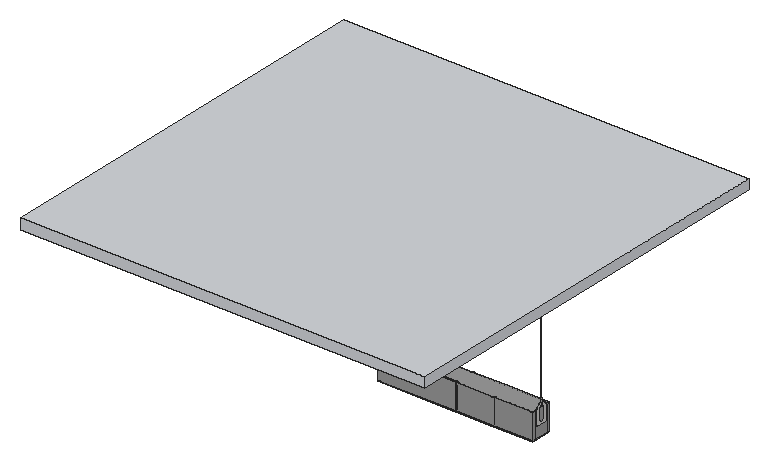
Revit family "LA2C-Seg-M", category Lighting Fixtures, host Face, Revit 2014
Parameters (values of type "M - 46" x 6" x 8"")
  Width = 0' - 6"
  Right [instance] = yes
  Left [instance] = yes
  Height From Face = 3' - 0"
  Weight = "12 lbs"
  Wattage Comments = ""
  Wattage = 32 W
  built-in parameter 1150110 = 1 (stored number, unit not read)
  Type Comments = "Stainless steel canopy mounts to\r\nstandard junction box (provided by others)"
  built-in parameter 1114217 = 1 (stored number, unit not read)
  built-in parameter 1150109 = 1 (stored number, unit not read)
  built-in parameter 1150134 = (empty or 0)
  built-in parameter 1150113 = 1 (stored number, unit not read)
  STANDARDS = "6-8 week lead time, Damp rated, UL Compliant / CSA Approved"
  Shade = 3form Varia Ecoresin
  Model = "LA2C-Seg"
  Manufacturer = "LightArt"
  built-in parameter 1150105 = 753.76 (stored number, unit not read)
  Lumens = 2368 lm
  built-in parameter 1150115 = 1 (stored number, unit not read)
  Light Source Symbol Size = 0' - 5"
  built-in parameter 1150137 = (empty or 0)
  built-in parameter 1150139 = (empty or 0)
  built-in parameter 1150112 = 1 (stored number, unit not read)
  built-in parameter 1150114 = 1 (stored number, unit not read)
  LIGHTING = "Solid State LED System\r\n120v-277v input; 24v driver;\r\n0-10v dimming compatible\r\n3000k 81 CRI light source\r\nM - 32w, 2220mA, 2174 lumens"
  Keynote = ""
  Input = "120v-277v"
  built-in parameter 1150132 = (empty or 0)
  built-in parameter 1150102 = (empty or 0)
  built-in parameter 1150107 = 3000 (stored number, unit not read)
  built-in parameter 1150138 = (empty or 0)
  built-in parameter 1150106 = 7.5376 (stored number, unit not read)
  Height = 0' - 8"
  Hardware = Stainless Steel Cables
  HARDWARE = "Removable powder coated lid\r\n\r\n\r\n3/64” stainless steel cables to canopy \r\n\r\nAdjustable 24”-96” suspension"
  built-in parameter 1150104 = 6.8748 (stored number, unit not read)
  Driver = "24v"
  Dimming Lamp Color Temperature Shift = <None>
  Dimming Compatibility = "0-10v"
  Description = "LED System"
  Diffuser = White Opal Acrylic
  Default Elevation [instance] = 4' - 0"
  Comments = "This model is for use in spatial massing and rendering. Please contact LightArt for pick-point placement and installation details."
  Color Filter = 16777215
  built-in parameter 1114218 = 1 (stored number, unit not read)
  built-in parameter 1150133 = 10 (stored number, unit not read)
Reference planes (in)
  plane 1 "Light Source Axis (F/B)": y = 0
  plane 2 "Ceiling": z = 0
  plane 3 "Light Source Axis (L/R)": x = 23.52748
  plane 4 "Light Source Elevation": z = -40
  plane 5: z = -44
  plane 6: z = -36
  plane 7: z = 0
  plane 8: y = 3
  plane 9: y = -3
  plane 10: x = 0.52748
  plane 11: x = 46.52748
Forms (in)
  Extrusion 1, solid, material "3form Varia Ecoresin" <- "Shade", detail levels medium+fine
    sketch origin (0, 0, -96) x (1, 0, 0) y (0, 1, 0)
      loop
        line (0.58998, -2.93747) -> (0.58998, -2.43746) -> (0.52748, -2.43746) -> (0.52748, -3) -> (23.52748, -3) -> (23.52748, -2.53115)
        arc (23.52748, -2.53115) -> (23.55873, -2.4999) -> (23.58998, -2.53115) r 0.03125
        line (23.58998, -2.53115) -> (23.58998, -3) -> (34.96478, -3) -> (46.52748, -3) -> (46.52748, -2.43746) -> (46.46498, -2.43746) -> (46.46498, -2.9375) -> (35.14448, -2.9375) -> (23.65248, -2.9375) -> (23.65248, -2.53107)
        arc (23.65248, -2.53107) -> (23.55873, -2.43732) -> (23.46498, -2.53107) r 0.09375
        line (23.46498, -2.53107) -> (23.46498, -2.93747) -> (0.58998, -2.93747)
      loop
        line (46.46498, 2.9375) -> (46.46498, 2.43746) -> (46.52748, 2.43746) -> (46.52748, 3.00006) -> (34.93752, 3.00006) -> (23.58998, 3.00006) -> (23.58998, 2.53115)
        arc (23.58998, 2.53115) -> (23.55873, 2.4999) -> (23.52748, 2.53115) r 0.03125
        line (23.52748, 2.53115) -> (23.52748, 3.00006) -> (0.52748, 3.00006) -> (0.52748, 2.43746) -> (0.58995, 2.43746) -> (0.58995, 2.9375) -> (23.46498, 2.9375) -> (23.46498, 2.53107)
        arc (23.46498, 2.53107) -> (23.55873, 2.43732) -> (23.65248, 2.53107) r 0.09375
        line (23.65248, 2.53107) -> (23.65248, 2.9375) -> (34.79849, 2.9375) -> (46.46498, 2.9375)
    from 52.125 to 59.875
  Extrusion 2, solid
    sketch origin (0, 0, 0) x (1, 0, 0) y (0, 1, 0)
      loop
        line (-60, -60) -> (60, -60) -> (60, 60) -> (-60, 60) -> (-60, -60)
    from 0 to 3.07528
  Extrusion 3, solid, material "White Opal Acrylic" <- "Diffuser", detail levels medium+fine
    sketch origin (0, 0, -97.17017) x (1, 0, 0) y (0, 1, 0)
      loop
        line (0.52748, -3) -> (23.52748, -3) -> (23.52748, -2.53115)
        arc (23.52748, -2.53115) -> (23.55873, -2.4999) -> (23.58998, -2.53115) r 0.03125
        line (23.58998, -2.53115) -> (23.58998, -3) -> (35.01746, -3) -> (46.52748, -3) -> (46.52748, 3) -> (35.34023, 3) -> (23.58998, 3) -> (23.58998, 2.53115)
        arc (23.58998, 2.53115) -> (23.55873, 2.4999) -> (23.52748, 2.53115) r 0.03125
        line (23.52748, 2.53115) -> (23.52748, 3) -> (0.52748, 3) -> (0.52748, -3)
    from 61.04517 to 61.17017
  Extrusion 4, solid, material "White Opal Acrylic" <- "Diffuser", detail levels medium+fine
    sketch origin (0, 0, -110) x (1, 0, 0) y (0, 1, 0)
      loop
        line (46.52748, -3) -> (46.52748, 3) -> (34.08038, 3) -> (23.58998, 3) -> (23.58998, 2.53115)
        arc (23.58998, 2.53115) -> (23.55873, 2.4999) -> (23.52748, 2.53115) r 0.03125
        line (23.52748, 2.53115) -> (23.52748, 3) -> (0.52748, 3) -> (0.52748, -3) -> (23.52748, -3) -> (23.52748, -2.53115)
        arc (23.52748, -2.53115) -> (23.55873, -2.4999) -> (23.58998, -2.53115) r 0.03125
        line (23.58998, -2.53115) -> (23.58998, -3) -> (34.91476, -3) -> (46.52748, -3)
    from 66 to 66.125
  Extrusion 5, solid, material "3form Varia Ecoresin" <- "Shade", detail levels coarse
    sketch origin (0, 0, -96) x (1, 0, 0) y (0, 1, 0)
      loop
        line (46.52748, -3) -> (46.52748, 3) -> (0.52748, 3) -> (0.52748, -3) -> (46.52748, -3)
    from 60 to 52
  Extrusion 6, solid, material "White Opal Acrylic" <- "Diffuser", detail levels medium+fine
    sketch origin (31.75, 0, -96) x (1, 0, 0) y (0, 1, 0)
      loop
        line (-31.22252, 2.43746) -> (-31.22252, -2.4375) -> (-31.16005, -2.4375) -> (-31.16005, 2.43746) -> (-31.22252, 2.43746)
      loop
        line (14.77748, 2.43746) -> (14.71498, 2.43746) -> (14.71498, -2.4375) -> (14.77748, -2.4375) -> (14.77748, 2.43746)
    from 52.125 to 59.875
Lines and regions (in)
  symbolic lines
    curve 1: line (0.52748, 3, -96) -> (46.52748, 3, -96)
    curve 2: line (0.52748, -3, -96) -> (0.52748, 3, -96)
    curve 3: line (46.52748, -3, -96) -> (0.52748, -3, -96)
    curve 4: line (46.52748, 3, -96) -> (46.52748, -3, -96)
Dimensions and locks (in)
  "Height": plane 6 to plane 5
  equal spacing: plane 6, plane 4 "Light Source Elevation", plane 5
  "Height From Face": plane 2 "Ceiling" to plane 6
  equal spacing: plane 9, plane 1 "Light Source Axis (F/B)", plane 8
  "Width": plane 9 to plane 8
  locked: plane 10 to plane 11 at 46
  plane 6 to plane 5 = 0' - 8"
  locked: plane 5 to Extrusion 4 at 0.125
  locked: Extrusion 3 to plane 6 at 0.125
  aligned and locked: imposter light to plane 4 "Light Source Elevation"
  aligned and locked: plane 6 to Extrusion 3
  aligned and locked: Extrusion 4 to plane 5
  aligned and locked: Extrusion 5 to plane 5
  aligned and locked: plane 10 to curve 2
  aligned and locked: Extrusion 1 sketch curve to plane 10  (x2)
  aligned and locked: Extrusion 4 sketch curve to plane 10
  aligned and locked: Extrusion 4 sketch curve to plane 11
  aligned and locked: Extrusion 5 to plane 11
  aligned and locked: plane 11 to curve 4
  aligned and locked: Extrusion 3 sketch curve to plane 11
  aligned and locked: plane 3 "Light Source Axis (L/R)" to imposter light
  aligned and locked: plane 10 to Extrusion 6 sketch curve
  aligned and locked: Extrusion 6 sketch curve to plane 11
  aligned and locked: Extrusion 6 sketch curve to Extrusion 1
  aligned and locked: Extrusion 1 to Extrusion 6 sketch curve
  aligned and locked: plane 6 to nested 2
  aligned and locked: nested 1 to plane 6
  aligned and locked: Extrusion 6 to Extrusion 3
  aligned and locked: plane 6 to Extrusion 5
  aligned and locked: nested 1 to plane 11
  aligned and locked: plane 10 to nested 2
  aligned and locked: Extrusion 5 to Extrusion 3
  aligned and locked: Extrusion 5 to Extrusion 4
  aligned and locked: Extrusion 1 to Extrusion 3
  aligned and locked: Extrusion 1 to Extrusion 4
  aligned and locked: Extrusion 1 to Extrusion 6  (x2)
  aligned and locked: Extrusion 6 to Extrusion 4
Automatic sketch dimensions
  curve 3 to plane 9 = 0' - 0"
  plane 8 to curve 2 = 0' - 0"
  Extrusion 2 sketch curve to Extrusion 2 sketch curve = 10' - 0"  (x2)
  Extrusion 5 sketch curve to plane 11 = 0' - 0"
  Extrusion 5 sketch curve to plane 9 = 0' - 0"
  Extrusion 5 sketch curve to plane 10 = 0' - 0"
  plane 8 to Extrusion 5 sketch curve = 0' - 0"
  Extrusion 1 sketch curve to plane 9 = 0' - 0"  (x2)
  Extrusion 1 sketch curve to plane 11 = 0' - 0"  (x2)
  plane 10 to Extrusion 1 sketch curve = 0' - 0.06246"
  Extrusion 1 sketch curve to Extrusion 1 sketch curve = 0' - 0 1/16"  (x2)
  Extrusion 1 sketch curve to Extrusion 1 sketch curve = 0' - 0"  (x2)
  Extrusion 1 sketch curve to Extrusion 1 sketch curve = 0' - 0 1/32"
  plane 11 to Extrusion 1 sketch curve = 0' - 0 1/16"
  plane 9 to Extrusion 1 sketch curve = 0' - 0.06253"
  Extrusion 1 sketch curve to Extrusion 1 sketch curve = 0' - 0.40632"
  Extrusion 1 sketch curve to Extrusion 1 sketch curve = 0' - 0.00008"  (x2)
  Extrusion 1 sketch curve to Extrusion 1 sketch curve = 0' - 0.50004"
  Extrusion 1 sketch curve to Extrusion 1 sketch curve = 0' - 0 1/2"
  plane 8 to Extrusion 1 sketch curve = 0' - 0.56254"  (x2)
  plane 8 to Extrusion 1 sketch curve = 0' - 0.46893"
  plane 8 to Extrusion 1 sketch curve = 0' - 0 1/16"  (x2)
  Extrusion 1 sketch curve to plane 8 = 0' - 0.00006"  (x2)
  plane 9 to Extrusion 6 sketch curve = 0' - 0 9/16"  (x2)
  plane 8 to Extrusion 6 sketch curve = 0' - 0.56254"  (x2)
  plane 9 to Extrusion 1 sketch curve = 0' - 0 1/16"
  Extrusion 4 sketch curve to plane 9 = 0' - 0"  (x2)
  plane 8 to Extrusion 4 sketch curve = 0' - 0"  (x2)
  Extrusion 4 sketch curve to Extrusion 4 sketch curve = 0' - 0 1/32"  (x2)
  Extrusion 4 sketch curve to Extrusion 4 sketch curve = 0' - 0.46885"
  plane 8 to Extrusion 4 sketch curve = 0' - 0.46885"
  plane 8 to Extrusion 3 sketch curve = 0' - 0"  (x2)
  Extrusion 3 sketch curve to plane 10 = 0' - 0"
  Extrusion 3 sketch curve to plane 3 "Light Source Axis (L/R)" = 0' - 0"  (x2)
  Extrusion 3 sketch curve to plane 9 = 0' - 0"  (x2)
  Extrusion 3 sketch curve to Extrusion 3 sketch curve = 0' - 0 1/32"  (x2)
  Extrusion 3 sketch curve to Extrusion 3 sketch curve = 0' - 0.46885"
  plane 8 to Extrusion 3 sketch curve = 0' - 0.46885"
  Extrusion 1 sketch curve to Extrusion 1 sketch curve = 0' - 11.14601"
  Extrusion 1 sketch curve to Extrusion 1 sketch curve = 0' - 0.13903"
  Extrusion 1 sketch curve to Extrusion 1 sketch curve = 0' - 0.16629"
  Extrusion 1 sketch curve to Extrusion 1 sketch curve = 0' - 0 23/128"
  Extrusion 3 sketch curve to Extrusion 3 sketch curve = 0' - 11.42747"
  Extrusion 3 sketch curve to Extrusion 3 sketch curve = 0' - 0.32277"
  Extrusion 4 sketch curve to Extrusion 4 sketch curve = 0' - 10.4904"
  Extrusion 4 sketch curve to Extrusion 4 sketch curve = 0' - 0.83438"
  Extrusion 1 sketch curve to plane 3 "Light Source Axis (L/R)" = 0' - 0"  (x2)
  Extrusion 1 sketch curve to plane 3 "Light Source Axis (L/R)" = 0' - 0 1/16"  (x2)
  plane 3 "Light Source Axis (L/R)" to Extrusion 1 sketch curve = 0' - 0 1/32"
  Extrusion 4 sketch curve to plane 3 "Light Source Axis (L/R)" = 0' - 0"  (x2)
Nested families (in)
  nested 1: "Steel Cable" at (46.52748, -0.00825, -40.43947) x (0, 1, 0) z (0, 0, 1), visible <- "Right", type "Steel Cable"
    with Height 3' - 0"
  nested 2: "Steel Cable" at (0.52748, -0.00825, -40.43947) x (0, 1, 0) z (0, 0, 1), visible <- "Left", type "Steel Cable"
    with Height 3' - 0"
Definition of nested family "Steel Cable"
  Parameters (values of type "Steel Cable")
    Material = Stainless Steel Cables
    Height = 4' - 0"
  Reference planes (in)
    plane 1 "Center (Front/Back)": y = 0
    plane 2: z = 0
    plane 3 "Center (Left/Right)": x = 0
    plane 4: z = 52.43947
    plane 5: z = 4.43947
  Forms (in)
    Extrusion 1, solid, material "Stainless Steel Cables" <- "Material"
      sketch origin (0, 0.06249, 0) x (1, 0, 0) y (0, 0, 1)
        loop
          line (1.57721, 0.38519) -> (1.57724, 4.43947)
          arc (1.57724, 4.43947) -> (0.00944, 5.56119) -> (-1.55836, 4.43947) r 1.6565
          line (-1.55836, 4.43947) -> (-1.55836, 0.38522)
          arc (-1.55836, 0.38522) -> (-1.44553, 0.11283) -> (-1.17314, 0) r 0.38522
          line (-1.17314, 0) -> (1.22175, 0)
          arc (1.22175, 0) -> (1.48393, 0.11467) -> (1.57721, 0.38519) r 0.3563
        loop
          line (0.77208, 1.06174) -> (0.77208, 4.56174)
          arc (0.77208, 4.56174) -> (0.01304, 5.07935) -> (-0.74601, 4.56174) r 0.81536
          line (-0.74601, 4.56174) -> (-0.74601, 1.06174)
          arc (-0.74601, 1.06174) -> (-0.6556, 0.74869) -> (-0.3594, 0.61289) r 0.39093
          line (-0.3594, 0.61289) -> (0.38558, 0.61289)
          arc (0.38558, 0.61289) -> (0.68174, 0.7487) -> (0.77208, 1.06174) r 0.39083
        loop
          circle (1.14945, 2.9859) r 0.08234
        loop
          circle (-1.13782, 2.9859) r 0.08234
        loop
          circle (1.14945, 0.37768) r 0.08234
        loop
          circle (-1.13782, 0.37768) r 0.08234
      from 0 to 0.125
    Revolve 2, solid, material "Stainless Steel Cables" <- "Material"
      sketch origin (0, 0.00119, 0) x (1, 0, 0) y (0, 0, 1)
        loop
          line (0, 6.85243) -> (0, 5.09501) -> (0.15937, 5.09501) -> (0.15937, 6.61585) -> (0.08845, 6.61585) -> (0.08845, 6.85243) -> (0, 6.85243)
        axis (0, 6.85243) -> (0, 5.09501)
      angle from 0 to 360
    Extrusion 3, solid, material "Stainless Steel Cables" <- "Material"
      sketch origin (0, 0.06249, 0) x (1, 0, 0) y (0, 1, 0)
        loop
          circle (0, -0.06153) r 0.04688
      from 6.85243 to 52.43947
  Dimensions and locks (in)
    "Height": plane 4 to plane 5
    locked: level to plane 5 at 4.43947
    aligned and locked: plane 2 to level
    aligned and locked: Extrusion 3 to Revolve 2
    aligned and locked: Extrusion 3 to plane 4
  Automatic sketch dimensions
    Extrusion 1 sketch curve to level = 0' - 0"
    Extrusion 1 sketch curve to plane 3 "Center (Left/Right)" = 0' - 1.55836"
    Extrusion 1 sketch curve to Extrusion 1 sketch curve = 0' - 0.38522"
    Extrusion 1 sketch curve to plane 3 "Center (Left/Right)" = 0' - 1.13782"
    Extrusion 1 sketch curve to Extrusion 1 sketch curve = 0' - 0.03532"
    Extrusion 1 sketch curve to plane 3 "Center (Left/Right)" = 0' - 0.74601"
    Extrusion 1 sketch curve to plane 3 "Center (Left/Right)" = 0' - 0.3594"
    plane 3 "Center (Left/Right)" to Extrusion 1 sketch curve = 0' - 0.00944"
    plane 3 "Center (Left/Right)" to Extrusion 1 sketch curve = 0' - 0.01304"
    plane 3 "Center (Left/Right)" to Extrusion 1 sketch curve = 0' - 0.38558"
    Extrusion 1 sketch curve to Extrusion 1 sketch curve = 0' - 0.3865"
    level to Extrusion 1 sketch curve = 0' - 0.37768"
    Extrusion 1 sketch curve to Extrusion 1 sketch curve = 0' - 0.37736"
    plane 3 "Center (Left/Right)" to Extrusion 1 sketch curve = 0' - 1.14945"
    Extrusion 1 sketch curve to Extrusion 1 sketch curve = 0' - 0.07231"
    Extrusion 1 sketch curve to Extrusion 1 sketch curve = 0' - 0.07264"
    level to Extrusion 1 sketch curve = 0' - 0.38519"
    Extrusion 1 sketch curve to Extrusion 1 sketch curve = 0' - 0.35512"
    Extrusion 1 sketch curve to Extrusion 1 sketch curve = 0' - 0.80516"
    Extrusion 1 sketch curve to Extrusion 1 sketch curve = 0' - 0.00753"
    level to Extrusion 1 sketch curve = 0' - 0.61289"
    Extrusion 1 sketch curve to Extrusion 1 sketch curve = 0' - 0.39083"
    Extrusion 1 sketch curve to Extrusion 1 sketch curve = 0' - 0.39093"
    Extrusion 1 sketch curve to Extrusion 1 sketch curve = 0' - 1.92416"  (x2)
    Extrusion 1 sketch curve to Extrusion 1 sketch curve = 0' - 0.91878"
    Extrusion 1 sketch curve to Extrusion 1 sketch curve = 0' - 0.35931"
    Extrusion 1 sketch curve to Extrusion 1 sketch curve = 0' - 1.45357"
    Extrusion 1 sketch curve to Extrusion 1 sketch curve = 0' - 0.29774"
    Revolve 2 sketch curve to plane 3 "Center (Left/Right)" = 0' - 0"  (x2)
    plane 3 "Center (Left/Right)" to Revolve 2 sketch curve = 0' - 0.08845"
    plane 3 "Center (Left/Right)" to Revolve 2 sketch curve = 0' - 0.15937"
    level to Revolve 2 sketch curve = 0' - 5.09501"
    Revolve 2 sketch curve to Revolve 2 sketch curve = 0' - 1.52084"
    Revolve 2 sketch curve to Revolve 2 sketch curve = 0' - 0.23658"
    Revolve 2 sketch curve to Revolve 2 sketch curve = 0' - 0.45184"
    Revolve 2 sketch curve to Revolve 2 sketch curve = 0' - 0.0858"
    Extrusion 3 sketch curve to plane 3 "Center (Left/Right)" = 0' - 0"
    Extrusion 3 sketch curve to plane 1 "Center (Front/Back)" = 0' - 0.00096"
    radius of Extrusion 1 sketch curve = 0' - 0.08234"  (x4)
    radius of Extrusion 3 sketch curve = 0' - 0 3/64"
